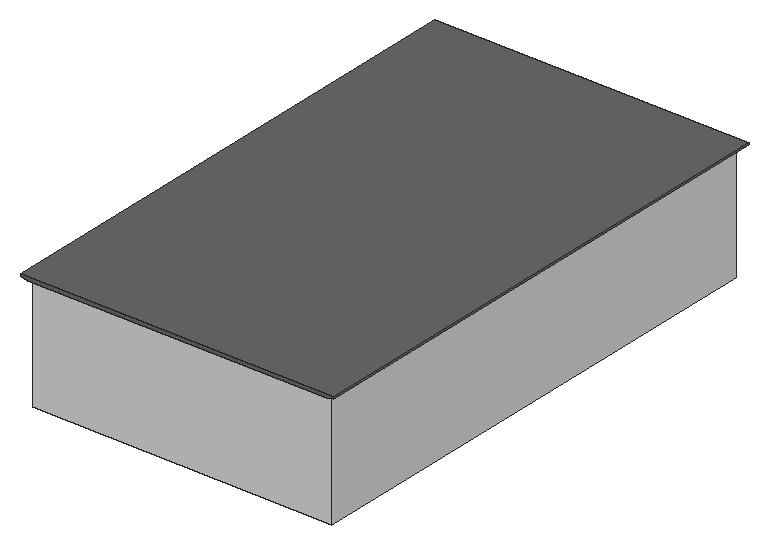
Revit family "Control_Panels-Lutron-QS_Smart", category Lighting Devices, host Face, Revit 2017
Family settings
  Host = Face
  Maintain Annotation Orientation = Yes
  Round Connector Dimension = Use Radius
  Part Type = Normal
  OmniClass Number = 23.80.30.11.17
  OmniClass Title = Distribution Boards and Control Panels
  Cut with Voids When Loaded = No
  Shared = No
  Room Calculation Point = No
Parameters (values of type "QSPS-10PNL")
  Warranty URL = "http://www.lutron.com/en-US/Service-Support/Pages/Service/Warranty/Warranty.aspx"
  Voltage = 0.00 V
  Video Link = "https://www.youtube.com/user/LutronElectronicsInc"
  Version = "2017 - v1.0b"  # constant formula
  Type Comments = ""
  Support Phone = "(224) 699-9545"  # constant formula
  Support Email = "mailto: support@anguleris.com"
  Product Page URL = "http://www.lutron.com/en-US/Products/Pages/ShadingSystems/SivoiaQS/Overview.aspx"
  Product Name = "Sivoia QS Smart Panel"
  Product Documentation Link = "http://www.lutron.com/TechnicalDocumentLibrary/085335.pdf"
  Performance URL = "http://www.lutron.com/en-US/Service-Support/Pages/Technical/PerfomanceSpecs.aspx"
  Panel Name [instance] = ""
  Output Voltage = 35.00 V
  Voltage Comment = "120 to 240"
  Unit Weight = 15.00 lbf
  URL = "http://www.lutron.com"
  Surface Mounted = yes
  Series = "Sivoia® QS"
  Panel Width = 0' - 10.38"
  Panel Thickness = 0' - 0.059"
  Panel Material = Steel - Lutron - Chrome Plated
  Panel Height = 1' - 5 1/2"
  Panel Depth = 0' - 4.035"
  Overall Width = 0' - 10.88"
  Overall Height = 1' - 6"
  Overall Depth = Cover Depth + Panel Depth  # 0' - 4.16"
  Output Current = 0.143 A
  Mounting [instance] = "Surface Mounted"
  Model = "QSPS-10PNL"
  Minimum Operating Temperature = 32 °F
  Maximum Operating Temperature = 104 °F
  Manufacturer Phone Number = "610-282-3800"  # constant formula
  Manufacturer Fax Number = "610-282-1243"  # constant formula
  Manufacturer Email = "mailto:support@lutron.com"
  Manufacturer Address = "7200 Suter Rd, Coopersburg, PA 18036"  # constant formula
  Manufacturer = "Lutron Electronics Co., Inc"  # constant formula
  Load Classification = Other
  Keynote = ""
  Instruction Sheet Link = "http://www.lutron.com/TechnicalDocumentLibrary/045528.pdf"
  Frequency = 60 Hz
  Enclosure [instance] = ""
  Cover Material = Steel - Lutron - Black
  Cover Depth = 0' - 0 1/8"
  Description = "Sivoia® QS Smart Panel"
  Default Elevation = 6' - 6"
  Current = 10 A
  Cost Info = "mailto:sales@lutron.com"
  Cost = 0
  Copyright = "© 2019 Lutron Electronics Co., Inc."  # constant formula
  Assembly Code = "D5020"
Reference planes (in)
  plane 1 "Center (Front/Back)": y = 0
  plane 2: z = 0
  plane 3 "Center (Left/Right)": x = 0
  plane 4: y = 9
  plane 5: y = -9
  plane 6: x = -5.44
  plane 7: x = 5.44
  plane 8: z = 0
  plane 9: z = 4.035
  plane 10: z = 0
  plane 11: x = -5.19
  plane 12: x = 5.19
  plane 13: y = 8.75
  plane 14: y = -8.75
  plane 15: x = -5.131
  plane 16: x = 5.131
  plane 17: y = 8.691
  plane 18: y = -8.691
  plane 19: z = 0
  plane 20: z = 0.059
  plane 21: x = -5.19
  plane 22: x = 5.19
  plane 23: y = 8.75
  plane 24: y = -8.75
  plane 25: z = 4.16
  plane 26: z = 4.035
  plane 27: z = 4.0975
  plane 28: x = -5.19
  plane 29: x = 5.19
  plane 30: x = -5.44
Forms (in)
  Sweep 1, solid, material "Steel - Lutron - Chrome Plated" <- "Panel Material"
    path origin (0, 0, -0.118) x (1, 0, 0) y (0, 0, 1)
      loop
        line (0, 0.118) -> (0, 4.153)
    profile origin (0, 0, 2.0175) x (-1, 0, 0) y (0, -1, 0)
      loop
        line (5.19, -8.75) -> (5.19, 8.75) -> (-5.19, 8.75) -> (-5.19, -8.75) -> (5.19, -8.75)
      loop
        line (5.131, 8.691) -> (-5.131, 8.691) -> (-5.131, -8.691) -> (5.131, -8.691) -> (5.131, 8.691)
  Sweep 2, solid, material "Steel - Lutron - Chrome Plated" <- "Panel Material"
    path origin (0, 0, -0.118) x (1, 0, 0) y (0, 0, 1)
      loop
        line (0, 0.118) -> (0, 0.177)
    profile origin (0, 0, 0.0295) x (-1, 0, 0) y (0, -1, 0)
      loop
        line (5.19, -8.75) -> (5.19, 8.75) -> (-5.19, 8.75) -> (-5.19, -8.75) -> (5.19, -8.75)
  Sweep 3, solid, material "Steel - Lutron - Black" <- "Cover Material"
    path origin (-54.58584, -180, 4.16) x (-1, 0, 0) y (0, -1, 0)
      loop
        line (-54.58584, -171) -> (-54.58584, -189)
    profile origin (0, 0, 4.16) x (-1, 0, 0) y (0, 0, 1)
      loop
        line (5.44, 0) -> (-5.44, 0) -> (-5.44, -0.0625) -> (-5.19, -0.125) -> (5.19, -0.125) -> (5.44, -0.0625) -> (5.44, 0)
Cuts and joins
  joined: Sweep 1, Sweep 2
Lines and regions (in)
  Masking region 1, detail levels fine
    outline origin (0, 0, 0) x (1, 0, 0) y (0, 0, 1)
      loop
        line (-5.44, 4.16) -> (-5.44, 0) -> (5.44, 0) -> (5.44, 4.16) -> (-5.44, 4.16)
  symbolic lines
    curve 1: line (5.44, 9, 4.16) -> (5.44, -9, 4.16)
Dimensions and locks (in)
  equal spacing: plane 5, plane 1 "Center (Front/Back)", plane 4
  "Overall Height": plane 5 to plane 4
  equal spacing: plane 6, plane 3 "Center (Left/Right)", plane 7
  "Overall Width": plane 6 to plane 7
  plane 2 to plane 8 = 0' - 0"
  plane 10 to plane 8 = 0' - 0"
  "Panel Depth": plane 9 to plane 10
  equal spacing: plane 14, plane 1 "Center (Front/Back)", plane 13
  equal spacing: plane 11, plane 3 "Center (Left/Right)", plane 12
  "Panel Width": plane 11 to plane 12
  "Panel Height": plane 13 to plane 14
  equal spacing: plane 15, plane 3 "Center (Left/Right)", plane 16
  "Panel Thickness": plane 11 to plane 15
  equal spacing: plane 18, plane 1 "Center (Front/Back)", plane 17
  "Panel Thickness": plane 13 to plane 17
  plane 19 to plane 8 = 0' - 0"
  "Panel Thickness": plane 20 to plane 19
  equal spacing: plane 24, plane 1 "Center (Front/Back)", plane 23
  "Panel Height": plane 24 to plane 23
  equal spacing: plane 21, plane 3 "Center (Left/Right)", plane 22
  "Panel Width": plane 21 to plane 22
  "Overall Depth": plane 25 to plane 8
  "Cover Depth": plane 25 to plane 26
  equal spacing: plane 29, plane 3 "Center (Left/Right)", plane 28
  "Panel Width": plane 29 to plane 28
  equal spacing: plane 25, plane 27, plane 26
  locked: plane 6 to plane 30
  aligned and locked: plane 2 to host face
  aligned and locked: level to host face
  aligned and locked: plane 9 to Sweep 1 sketch curve
  aligned and locked: plane 10 to Sweep 1 sketch curve
  aligned and locked: plane 3 "Center (Left/Right)" to Sweep 1 sketch curve
  aligned and locked: plane 17 to Sweep 1 sketch curve
  aligned and locked: Sweep 1 sketch curve to plane 16
  aligned and locked: plane 12 to Sweep 1 sketch curve
  aligned and locked: Sweep 1 sketch curve to plane 13
  aligned and locked: plane 18 to Sweep 1 sketch curve
  aligned and locked: Sweep 1 sketch curve to plane 15
  aligned and locked: Sweep 1 sketch curve to plane 14
  aligned and locked: plane 11 to Sweep 1 sketch curve
  aligned and locked: plane 20 to Sweep 2 sketch curve
  aligned and locked: plane 19 to Sweep 2 sketch curve
  aligned and locked: plane 3 "Center (Left/Right)" to Sweep 2 sketch curve
  aligned and locked: Sweep 2 sketch curve to plane 23
  aligned and locked: plane 21 to Sweep 2 sketch curve
  aligned and locked: plane 22 to Sweep 2 sketch curve
  aligned and locked: Sweep 2 sketch curve to plane 24
  aligned and locked: plane 4 to Sweep 3 sketch curve
  aligned and locked: plane 5 to Sweep 3 sketch curve
  aligned and locked: plane 3 "Center (Left/Right)" to Sweep 3 sketch curve
  aligned and locked: plane 27 to Sweep 3 sketch curve  (x2)
  aligned and locked: plane 26 to Sweep 3 sketch curve
  aligned and locked: plane 7 to Sweep 3 sketch curve  (x2)
  aligned and locked: plane 6 to Sweep 3 sketch curve
  aligned and locked: Sweep 3 sketch curve to plane 25
  aligned and locked: plane 29 to Sweep 3 sketch curve
  aligned and locked: plane 28 to Sweep 3 sketch curve
  aligned and locked: Sweep 3 sketch curve to plane 26
  aligned and locked: plane 8 to cut or joined group of Sweep 1, Sweep 2
  aligned and locked: plane 1 "Center (Front/Back)" to nested 1
  aligned and locked: plane 3 "Center (Left/Right)" to nested 1
  aligned and locked: plane 2 to Masking region 1 sketch curve
  aligned and locked: plane 7 to Masking region 1 sketch curve
  aligned and locked: Masking region 1 sketch curve to plane 25
  aligned and locked: plane 30 to Masking region 1 sketch curve
Automatic sketch dimensions
  host sketch curve to host sketch curve = 8' - 0"  (x2)
  curve 1 to plane 7 = 0' - 0"
  curve 1 to plane 4 = 0' - 0"
  plane 5 to curve 1 = 0' - 0"
Nested families (in)
  nested 1: "Lutron_Lighting_Power_Module_2_Line_Annotation" at (0, 0, 0), type "QSPS-10PNL", detail levels coarse+medium
Connectors (in)
  electrical at (0, 0, 4.035), driven by "Load Classification", driven by "Voltage"
    settings: on Sweep 3, index 1, voltage 0.00 V, apparent load 0 VA, apparent load phase1 0 VA, apparent load phase2 0 VA, apparent load phase3 0 VA, power factor 1, load classification "Other", number of poles 1, system type 30, power factor state 1, is connector primary yes, connector utility no, sub classification motor no, connector description "Power Connection"
  cabletrayconduit at (-5.19, 0, 2.0175), diameter 24
    settings: on cut or joined group of Sweep 1, Sweep 2, index 3, connector width 1' - 0", connector height 1' - 0", connector angle 0.00°, system type 32, placement type 1, profile type 0, connector reference index -1, is primary connector yes, connector utility param no, connector description "Left Surface Terminal Connection"
  cabletrayconduit at (0, -8.75, 2.0175), diameter 24
    settings: on cut or joined group of Sweep 1, Sweep 2, index 4, connector width 1' - 0", connector height 1' - 0", connector angle 0.00°, system type 32, placement type 1, profile type 0, connector reference index -1, is primary connector no, connector utility param no, connector description "Bottom Surface Terminal Connection"
Definition of nested family "Lutron_Lighting_Power_Module_2_Line_Annotation"
  Parameters (values of type "QSPS-10PNL")
    Secondary Label = "10PNL"
    Primary Label = "QSPS"
  Reference planes (in)
    plane 1: y = 0
    plane 2: x = 0
  Lines and regions (in)
    detail lines, not visible
      curve 1: line (0, 0.12891, 0) -> (0, 0, 0)
    reference lines
      curve 2: line (0, 0.0625, 0) -> (-0.11983, 0.0625, 0)
      curve 3: line (0.10095, -0.04722, 0) -> (0.10095, 0.09386, 0)
      curve 4: line (0.10095, -0.04722, 0) -> (0.28349, -0.04722, 0)
      curve 5: line (0.10095, 0.04579, 0) -> (0.31014, 0.04579, 0)
    detail lines
      curve 6: line (-0.19803, 0.42347, 0) -> (0.19803, 0.42347, 0)
      curve 7: line (-0.19803, 0.12891, 0) -> (-0.19803, 0.42347, 0)
      curve 8: line (0.19803, 0.12891, 0) -> (-0.19803, 0.12891, 0)
      curve 9: line (0.19803, 0.42347, 0) -> (0.19803, 0.12891, 0)
      curve 10: line (0, 0.12891, 0) -> (0, 0, 0)
      curve 11: line (-0.08143, 0, 0) -> (0.08143, 0, 0)
  Text (in)
    label "2DAL" at (0.00317, 0.35376, 0), shows "Primary Label"
    label "SL" at (0.00317, 0.22789, 0), shows "Secondary Label"
  Dimensions and locks (in)
    locked: curve 4 to curve 5 at 0.09301
    locked: curve 1 to curve 3 at 0.10095
    curve 1 to curve 1 = 0' - 0 33/256"
    locked: plane 1 to curve 2 at 0.0625
    equal spacing: curve 11, plane 2, curve 11
    locked: curve 11 to curve 11 at 0.16287
    locked: curve 11 to curve 8 at 0.12891
    equal spacing: curve 7, plane 2, curve 9
    aligned and locked: curve 1 to curve 2
    aligned and locked: plane 1 to curve 1
    aligned and locked: curve 1 to plane 2
    aligned and locked: plane 2 to curve 1
    aligned and locked: curve 10 to plane 2
